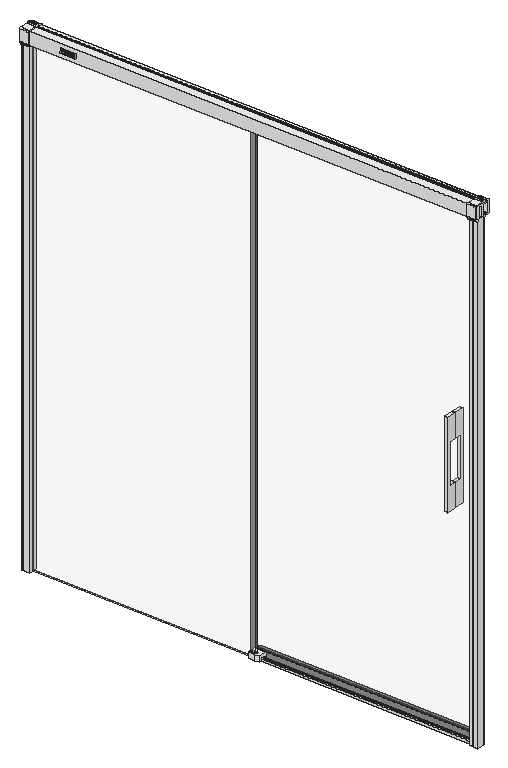
Revit family "Sanitary_Shower-screens_Duscholux_DuschoGredel_DuschoAnker_Slider-door-bath", category Plumbing Fixtures, Revit 2017
Family settings
  Round Connector Dimension = Use Diameter
  Part Type = Normal
  OmniClass Number = 23.45.00.00
  OmniClass Title = Sanitary, Laundry, and Cleaning Equipment
  Work Plane-Based = No
  Always vertical = Yes
  Cut with Voids When Loaded = No
  Shared = No
  Room Calculation Point = No
Parameters (values of type "White Aluminium Finish")
  Uniclass 2015 Description = "Shower Enclosures"
  Uniclass 2015 Code = "PR-40-20-06-79"
  URL = "http://www.duscholux.es/"
  UNSPSC Code = "30181507"
  Thickness Safety Glass Sliding = 5 mm  # constant formula
  Text logo visibility = yes
  Technical Inspection Certificate (Applus) = "http://www.duscholux.es/resources/custom/var/APPLUS_en.pdf"
  Series = "Duscho Gredel"
  Region South America = "Consult"
  Region Oceania = "Consult"
  Region North America = "Consult"
  Region Middle East = "Consult"
  Region Europe = "AD, ES, FR, PT"
  Region Asia = "Consult"
  Region Antartica = "Consult"
  Region Africa = "Consult"
  Ref. = "6PI / 6PD"
  Products = "http://www.duscholux.es/mamparas_filtro.aspx?es"
  Product group = "front for bath"
  Product family = "Duscho Gredel"
  Optional = "Towel rail / Shelf"
  Opening System Image = "http://blob.duscholux.es/pluma512/FBIzq1f1pcorredera.gif"
  Opening System = "Sliding"
  Opening Percentage = 0
  Net Weight (Kg) = 42.3
  NBS Reference Description = "Shower Enclosures"
  NBS Reference Code = "45-35-70"
  Model = "DuschoAnker"
  Manufacturer name = "Duscholux Ibérica, S.A."
  Manufacturer country = "Spain"
  Maintenance and Cleaning = "http://www.duscholux.es/mamparas_limpieza.aspx?en"
  Logo visibility = yes
  Image = "http://www.duscholux.es/resources/custom/img/mamparas/DUSCHO%20GREDEL/modelos/1F1PFBC/mampara_h.jpg"
  IFC Classification = "Furnishing Element"
  Handle Material = White Finish Acc
  Glass in Building UNE EN 12150 = "CE Conformity marking"
  Glass Material = Glass_Material-Duscholux
  Frame Material = White Aluminium Finish
  Fact Sheet = "http://blob.duscholux.es/enpdf2018/Anker1F1PFB.pdf"
  Manufacturer = "Duscholux Ibérica, S.A."
  Thickness Safety Glass Fixed Panel = 8 mm  # constant formula
  Environmental Management ISO 14001 = "ECOEMBES Certificate"
  Edition number = "1"
  Design country = "Spain / Germany"
  Description = "Front 1 fixed + 1 sliding door for bath"
  Date of publishing = ""
  Assembly Code = "C1030200"
  Configuration enclosure = "http://configuratumampara.duscholux.es/eCatalogo.aspx"
  Components = "Eropean components"
  Combinations = "Lateral 90°"
  Certified Quality UNE EN 14428 = "http://www.duscholux.es/duscholux_downloads.aspx?es"
  COBIe Type Category = ""
  Opening Door = ((Min Max Width / 2) - 155 mm) * Opening Percentage / 100  # 0 mm
  Sliding Door Width = (Min Max Width / 2) - 45 mm + 14 mm  # 719 mm
  Min Max Width = if(Width < 1160 mm, 1160 mm, if(Width > 2000 mm, 2000 mm, Width))  # 1500 mm
  Width = 1500 mm
  Handle Height = (Max Height / 2) + Bath Height  # 1200 mm
  Max Height = if(Height > 1600 mm, 1600 mm, Height)  # 1600 mm
  Height = 1600 mm
  Brand = "Duschoux"
  Bath Height = 400 mm
  Accesories Material = White Finish Acc
Types (5, lengths in mm): name | Product group | Handle Material | Frame Material | Components | Handle Height | Brand | Bath Height | Accesories Material
  (no name) | "front for bath" | White Finish Acc | White Aluminium Finish | "Eropean components" | 1200 | "Duschoux" | 400 | White Finish Acc
  White Aluminium Finish | "front for bath" | White Finish Acc | White Aluminium Finish | "Eropean components" | 1200 | "Duschoux" | 400 | White Finish Acc
  Silver Matt Aluminium Finish | "Front for bath" | Zamak | Silver Matt Aluminium Finish | "Eropean components" | 1200 | "Duscholux" | 400 | Chrome Finish
  Platinum Aluminium Finish | "front for bath" | Zamak | Platinum Aluminium Finish | "European components" | 1250 | "Duscholux" | 450 | Silver Matt Finish
  Black Aluminium Finish | "Fornt for bath" | Zamak | Black Aluminium Finish | "European components" | 1200 | "Duscholux" | 400 | Chrome Finish
Reference planes
  plane 1 "Centro (Frontal/Posterior)": y = 0
  plane 2: z = 0
  plane 3 "Centro (Izquierda/Derecha)": x = 0
  plane 4: x = 755.5
  plane 5: y = 23.489
  plane 6: y = 4
  plane 7: y = -4
  plane 8: x = 1446.25
  plane 9: z = 2000
  plane 10: z = 1959.85
  plane 11: z = 1957.85
  plane 12: x = 1491.5
  plane 13: x = -8.5
  plane 14: x = 18
  plane 15: z = 1200
  plane 16: x = 1460
  plane 17: x = 741.5
  plane 18: x = 727.25
  plane 19: z = 400
  plane 20: z = 401.9
  plane 21: z = 403.21
Forms (mm)
  Extrusion 1, solid, material "Glass_Material-Duscholux" <- "Glass Material"
    sketch origin (500, 0, 0) x (1, 0, 0) y (0, 1, 0)
      loop
        line (-500, 4) -> (-500, -4) -> (255.5, -4) -> (255.5, 4) -> (-500, 4)
    from 401.9 to 1985
  Extrusion 2, solid, material "Glass_Material-Duscholux" <- "Glass Material"
    sketch origin (-290, 0, 0) x (1, 0, 0) y (0, 1, 0)
      loop
        line (1017.25, 25.989) -> (1017.25, 20.989) -> (1736.25, 20.989) -> (1736.25, 25.989) -> (1017.25, 25.989)
    from 403.21 to 1985
  Extrusion 3, solid, material "White Finish Acc" <- "Accesories Material"
    sketch origin (15, 0, 0) x (1, 0, 0) y (0, 1, 0)
      loop
        line (755.5, 30.989) -> (720.5, 30.989) -> (720.5, -8.011) -> (742.5, -8.011) -> (755.5, -4.011) -> (755.5, 30.989)
    from 400 to 418
  Extrusion 4, void
    sketch origin (15, 0, 0) x (1, 0, 0) y (0, 1, 0)
      loop
        line (720.5, 27.32) -> (720.5, 19.755) -> (755.5, 19.755) -> (755.5, 27.32) -> (720.5, 27.32)
    from 401.9 to 418
  Extrusion 5, void
    sketch origin (15, -100, -0.016) x (1, 0, 0) y (0, 1, 0)
      loop
        line (740.5, 104) -> (720.5, 104) -> (720.5, 96) -> (740.5, 96) -> (740.5, 104)
    from 401.916 to 418.016
  Extrusion 6, solid, material "White Aluminium Finish" <- "Frame Material"
    sketch origin (0, 0, 0) x (1, 0, 0) y (0, 1, 0)
      loop
        line (18, 14.7) -> (-8.5, 14.7) -> (-8.5, -10.5) -> (18, -10.5) -> (18, -4.3) -> (7.35, -4.3) -> (7.35, -9) -> (-7, -9) -> (-7, 0) -> (-7, 13.2) -> (7.35, 13.2) -> (7.35, 4.3) -> (18, 4.3) -> (18, 14.7)
    from 400 to 1959.85
  Extrusion 7, solid, material "White Aluminium Finish" <- "Frame Material"
    sketch origin (1452.5, 0, 0) x (-1, 0, 0) y (0, -1, 0)
      loop
        line (-12.5, -14.7) -> (-12.5, -4.3) -> (-23.15, -4.3) -> (-23.15, -13.2) -> (-37.5, -13.2) -> (-37.5, 0) -> (-37.5, 9) -> (-23.15, 9) -> (-23.15, 4.3) -> (-12.5, 4.3) -> (-12.5, 10.5) -> (-39, 10.5) -> (-39, -14.7) -> (-12.5, -14.7)
    from 400 to 1959.85
  Extrusion 8, solid, material "White Aluminium Finish" <- "Frame Material"
    sketch origin (74.5, 0, 0) x (1, 0, 0) y (0, 1, 0)
      loop
        line (1379, 28.237) -> (1379, 18.737) -> (1385.5, 18.737) -> (1385.5, -3.9) -> (1413.15, -3.9) -> (1413.15, 0) -> (1413.15, 3.9) -> (1387, 3.9) -> (1387, 14.9) -> (1417, 14.9) -> (1417, 16.4) -> (1387, 16.4) -> (1387, 28.237) -> (1379, 28.237)
    from 400 to 1959.85
  Extrusion 9, solid, material "White Aluminium Finish" <- "Frame Material"
    sketch origin (0, 0, 0) x (0, 1, 0) y (0, 0, 1)
      loop
        line (-16, 2000) -> (-16, 1959.85) -> (-6.5, 1959.85) -> (-6.5, 1994) -> (0, 1994) -> (6.5, 1994) -> (6.5, 1959.85) -> (18.5, 1959.85) -> (18.5, 1963.85) -> (9.5, 1963.85) -> (9.5, 1995.261) -> (23.519, 1995.261) -> (23.519, 1998.011) -> (31.069, 1998.011) -> (31.069, 1961.861) -> (29.669, 1961.861) -> (29.669, 1959.861) -> (33.069, 1959.861) -> (33.069, 1997.011)
        arc (33.069, 1997.011) -> (32.191, 1999.132) -> (30.069, 2000.011) r 3
        line (30.069, 2000.011) -> (21.519, 2000.011) -> (21.519, 1997.261) -> (12.519, 1997.261) -> (12.519, 2000) -> (-16, 2000)
      loop
        line (-9.5, 1991.05) -> (-13, 1991.05) -> (-13, 1963.85) -> (-9.5, 1963.85) -> (-9.5, 1991.05)
    from -8.5 to 1491.5
  Extrusion 10, solid, material "White Finish Acc" <- "Accesories Material"
    sketch origin (0, 0, 0) x (0, 1, 0) y (0, 0, 1)
      loop
        arc (-15, 2002.011) -> (-17.121, 2001.132) -> (-18, 1999.011) r 3
        line (-18, 1999.011) -> (-18, 1961.188)
        arc (-18, 1961.188) -> (-16.882, 1958.721) -> (-14.289, 1957.935) r 3.281
        line (-14.289, 1957.935) -> (-14.288, 1953.858) -> (-10.5, 1953.858) -> (-10.5, 1959.85) -> (-16, 1959.85) -> (-16, 2000) -> (30.191, 2000)
        arc (30.191, 2000) -> (32.266, 1999.117) -> (33.069, 1997.011) r 2.881
        line (33.069, 1997.011) -> (33.069, 1959.861) -> (14.7, 1959.861) -> (14.7, 1953.858) -> (18.5, 1953.858) -> (18.5, 1957.85) -> (32.069, 1957.85)
        arc (32.069, 1957.85) -> (34.191, 1958.729) -> (35.069, 1960.85) r 3
        line (35.069, 1960.85) -> (35.069, 1997.011)
        arc (35.069, 1997.011) -> (33.605, 2000.546) -> (30.069, 2002.011) r 5
        line (30.069, 2002.011) -> (21.49, 2002.011)
        arc (21.49, 2002.011) -> (20.786, 2004.401) -> (18.52, 2005.435) r 3
        line (18.52, 2005.435) -> (12.519, 2005.435) -> (12.519, 2002.011) -> (-15, 2002.011)
    from -8.5 to 19.5
  Extrusion 11, solid, material "White Finish Acc" <- "Accesories Material"
    sketch origin (0, 0, 0) x (0, 1, 0) y (0, 0, 1)
      loop
        arc (-15, 2002.011) -> (-17.121, 2001.132) -> (-18, 1999.011) r 3
        line (-18, 1999.011) -> (-18, 1961.188)
        arc (-18, 1961.188) -> (-16.882, 1958.721) -> (-14.289, 1957.935) r 3.281
        line (-14.289, 1957.935) -> (-14.289, 1953.858) -> (-10.5, 1953.858) -> (-10.5, 1959.85) -> (-16, 1959.85) -> (-16, 2000) -> (30.191, 2000)
        arc (30.191, 2000) -> (32.266, 1999.117) -> (33.069, 1997.011) r 2.881
        line (33.069, 1997.011) -> (33.069, 1959.861) -> (16.4, 1959.861) -> (16.4, 1953.858) -> (19.787, 1953.858) -> (19.787, 1957.85) -> (32.069, 1957.85)
        arc (32.069, 1957.85) -> (34.191, 1958.729) -> (35.069, 1960.85) r 3
        line (35.069, 1960.85) -> (35.069, 1997.011)
        arc (35.069, 1997.011) -> (33.605, 2000.546) -> (30.069, 2002.011) r 5
        line (30.069, 2002.011) -> (21.49, 2002.011)
        arc (21.49, 2002.011) -> (20.786, 2004.401) -> (18.52, 2005.435) r 3
        line (18.52, 2005.435) -> (12.519, 2005.435) -> (12.519, 2002.011) -> (-15, 2002.011)
    from 1463.5 to 1491.5
  Extrusion 12, solid, material "White Finish Acc" <- "Accesories Material"
    sketch origin (0, 0, 700) x (0, 1, 0) y (0, 0, 1)
      loop
        line (-2.433, -292.421) -> (-2.433, -300) -> (7.636, -300) -> (7.636, -292.426)
        arc (7.636, -292.426) -> (6.912, -290.68) -> (5.166, -289.957) r 2.47
        line (5.166, -289.957) -> (0.032, -289.957)
        arc (0.032, -289.957) -> (-1.711, -290.679) -> (-2.433, -292.421) r 2.465
    from 770.5 to 1460
  Extrusion 13, solid, material "Plástico, transparente", detail levels fine
    sketch origin (-254.055, 0, 0) x (1, 0, 0) y (0, 1, 0)
      loop
        line (986.305, 26.267) -> (986.305, 27.32) -> (980.005, 27.32) -> (980.005, 19.707) -> (985.305, 19.707) -> (985.305, 5.807) -> (986.305, 5.807) -> (986.305, 20.807) -> (981.305, 20.807) -> (981.305, 26.267) -> (986.305, 26.267)
    from 401.9 to 1985
  Extrusion 14, solid, material "White Aluminium Finish" <- "Frame Material"
    sketch origin (8.832, 0, 0) x (1, 0, 0) y (0, 1, 0)
      loop
        line (1442.718, 25.887) -> (1442.718, 26.947)
        arc (1442.718, 26.947) -> (1442.416, 27.742) -> (1441.661, 28.136) r 1.197
        arc (1441.661, 28.136) -> (1438.467, 28.316) -> (1435.458, 27.231) r 8
        arc (1435.458, 27.231) -> (1435.177, 26.566) -> (1435.718, 26.087) r 0.619
        line (1435.718, 26.087) -> (1437.418, 26.087) -> (1437.418, 20.89) -> (1435.718, 20.89)
        arc (1435.718, 20.89) -> (1435.177, 20.411) -> (1435.458, 19.746) r 0.619
        arc (1435.458, 19.746) -> (1438.467, 18.661) -> (1441.661, 18.841) r 8
        arc (1441.661, 18.841) -> (1442.416, 19.235) -> (1442.718, 20.03) r 1.197
        line (1442.718, 20.03) -> (1442.718, 21.09) -> (1444.65, 21.09) -> (1444.65, 25.887) -> (1442.718, 25.887)
      loop
        line (1438.418, 27.187) -> (1438.418, 19.787) -> (1441.918, 19.787) -> (1441.918, 27.187) -> (1438.418, 27.187)
    from 400 to 1985
  Extrusion 15, solid, material "White Aluminium Finish" <- "Frame Material", not visible
    sketch origin (0, 0, 0) x (1, 0, 0) y (0, 1, 0)
      loop
        line (1742.718, 25.887) -> (1742.718, 26.947)
        arc (1742.718, 26.947) -> (1742.416, 27.742) -> (1741.661, 28.136) r 1.197
        arc (1741.661, 28.136) -> (1738.467, 28.316) -> (1735.458, 27.231) r 8
        arc (1735.458, 27.231) -> (1735.177, 26.566) -> (1735.718, 26.087) r 0.619
        line (1735.718, 26.087) -> (1737.418, 26.087) -> (1737.418, 20.89) -> (1735.718, 20.89)
        arc (1735.718, 20.89) -> (1735.177, 20.411) -> (1735.458, 19.746) r 0.619
        arc (1735.458, 19.746) -> (1738.467, 18.661) -> (1741.661, 18.841) r 8
        arc (1741.661, 18.841) -> (1742.416, 19.235) -> (1742.718, 20.03) r 1.197
        line (1742.718, 20.03) -> (1742.718, 21.09) -> (1744.65, 21.09) -> (1744.65, 25.887) -> (1742.718, 25.887)
      loop
        line (1738.418, 27.187) -> (1738.418, 19.787) -> (1741.918, 19.787) -> (1741.918, 27.187) -> (1738.418, 27.187)
    from 0 to 1985
  Extrusion 16, solid, material "Plástico, transparente", detail levels fine
    sketch origin (0, -145.23, 703.383) x (0, 1, 0) y (0, 0, 1)
      loop
        line (194.949, -295.481) -> (171.958, -283.464)
        arc (171.958, -283.464) -> (171.38, -283.524) -> (171.21, -284.08) r 0.526
        line (171.21, -284.08) -> (171.449, -285) -> (171.449, -300.173) -> (165.989, -300.173) -> (165.989, -283.265) -> (164.936, -283.388) -> (164.936, -301.483) -> (172.501, -301.483) -> (172.501, -287.73)
        arc (172.501, -287.73) -> (172.794, -287.095) -> (173.466, -286.906) r 0.834
        line (173.466, -286.906) -> (193.449, -296.5) -> (193.449, -302.213)
        arc (193.449, -302.213) -> (194.154, -302.647) -> (194.949, -302.414) r 1.02
        line (194.949, -302.414) -> (194.949, -295.481)
    from 732.25 to 1446.25
  Extrusion 17, void, not visible
    sketch origin (0, -100, 509.259) x (0, 1, 0) y (0, 0, 1)
      loop
        line (130.989, 15.216) -> (130.989, 18) -> (127.32, 18) -> (127.32, 16.927) -> (130.989, 15.216)
    from 785.5 to 820.5
  Extrusion 18, void
    sketch origin (0, 0, 0) x (0, 1, 0) y (0, 0, 1)
      loop
        line (30.989, 418) -> (27.32, 418) -> (27.32, 416.89) -> (30.989, 415.129) -> (30.989, 418)
    from 735.5 to 770.5
Cuts and joins
  Extrusion 4 cuts Extrusion 2
  Extrusion 4, Extrusion 5, Extrusion 18 cuts Extrusion 3
  Extrusion 5 cuts Extrusion 1
Lines and regions (mm)
  reference lines
    curve 1: line (0, 14.7, 1953.858) -> (0, 18.5, 1953.858)
    curve 2: line (0, 14.7, 1953.858) -> (0, 18.5, 1953.858)
Dimensions and locks
  locked: Extrusion 3 to Extrusion 3 at 18
  equal spacing: plane 6, plane 1 "Centro (Frontal/Posterior)", plane 7
  "Thickness Safety Glass Fixed Panel": plane 6 to plane 7
  "Thickness Safety Glass Sliding": cut or joined group of Extrusion 2, Extrusion 4 to cut or joined group of Extrusion 2, Extrusion 4
  locked: plane 9 to cut or joined group of Extrusion 1, Extrusion 5 at 15  (x2)
  locked: plane 9 to plane 10 at 40.15
  locked: Extrusion 10 to Extrusion 10 at 28
  locked: Extrusion 11 to Extrusion 11 at 28
  plane 11 to plane 10 = 2 mm
  locked: plane 10 to plane 11 at 2
  locked: plane 8 to plane 12 at 45.25
  locked: plane 13 to plane 3 "Centro (Izquierda/Derecha)" at 8.5
  "Handle Height": plane 15 to level
  locked: Extrusion 6 to Extrusion 12 at 10.043
  locked: plane 16 to plane 12 at 31.5
  equal spacing: plane 13, plane 17, plane 12
  Extrusion 13 to plane 17 = 9.25 mm
  locked: Extrusion 13 to Extrusion 13 at 6.3
  locked: Extrusion 13 to Extrusion 13 at 1.3
  locked: plane 17 to plane 4 at 14
  locked: plane 17 to cut or joined group of Extrusion 3, Extrusion 4, Extrusion 5, Extrusion 18 at 29
  locked: cut or joined group of Extrusion 3, Extrusion 4, Extrusion 5, Extrusion 18 to plane 17 at 6
  locked: plane 18 to plane 17 at 14.25
  locked: Extrusion 13 to Extrusion 13 at 1
  "Bath Height": plane 19 to plane 2
  "Sliding Door Width": cut or joined group of Extrusion 2, Extrusion 4 to Extrusion 14
  "Opening Door": Extrusion 14 to plane 8
  locked: plane 20 to plane 19 at 1.9
  locked: plane 21 to plane 19 at 3.21
  locked: plane 13 to nested 3 at 156.5
  "Max Height": plane 9 to plane 19
  "Min Max Width": plane 13 to plane 12
  locked: nested 2 to Extrusion 14 at 60
  aligned and locked: level to plane 2
  aligned and locked: Extrusion 4 sketch curve to Extrusion 3
  aligned and locked: cut or joined group of Extrusion 3, Extrusion 4, Extrusion 5, Extrusion 18 to Extrusion 5 sketch curve
  aligned and locked: cut or joined group of Extrusion 3, Extrusion 4, Extrusion 5, Extrusion 18 to Extrusion 4
  aligned and locked: plane 6 to cut or joined group of Extrusion 1, Extrusion 5
  aligned and locked: plane 7 to cut or joined group of Extrusion 1, Extrusion 5
  aligned and locked: cut or joined group of Extrusion 3, Extrusion 4, Extrusion 5, Extrusion 18 to cut or joined group of Extrusion 1, Extrusion 5  (x2)
  aligned and locked: cut or joined group of Extrusion 1, Extrusion 5 to cut or joined group of Extrusion 3, Extrusion 4, Extrusion 5, Extrusion 18  (x2)
  aligned and locked: cut or joined group of Extrusion 2, Extrusion 4 to cut or joined group of Extrusion 1, Extrusion 5
  aligned and locked: Extrusion 9 sketch curve to plane 9
  aligned and locked: Extrusion 9 sketch curve to Extrusion 9 sketch curve
  aligned and locked: Extrusion 9 to Extrusion 6
  aligned and locked: Extrusion 7 to Extrusion 9
  aligned and locked: Extrusion 9 to plane 10
  aligned and locked: plane 10 to Extrusion 6
  aligned and locked: plane 10 to Extrusion 7
  aligned and locked: cut or joined group of Extrusion 3, Extrusion 4, Extrusion 5, Extrusion 18 to cut or joined group of Extrusion 2, Extrusion 4  (x2)
  aligned and locked: Extrusion 10 to Extrusion 9
  aligned and locked: Extrusion 7 to Extrusion 11
  aligned and locked: Extrusion 6 to plane 13
  aligned and locked: cut or joined group of Extrusion 1, Extrusion 5 to plane 3 "Centro (Izquierda/Derecha)"
  aligned and locked: plane 12 to Extrusion 7
  aligned and locked: plane 15 to nested 1
  aligned and locked: nested 2 to plane 15
  aligned and locked: Extrusion 12 to cut or joined group of Extrusion 3, Extrusion 4, Extrusion 5, Extrusion 18
  aligned and locked: plane 16 to Extrusion 12
  aligned and locked: plane 10 to Extrusion 8
  aligned and locked: cut or joined group of Extrusion 1, Extrusion 5 to Extrusion 13
  aligned and locked: Extrusion 13 to cut or joined group of Extrusion 2, Extrusion 4
  aligned and locked: plane 4 to cut or joined group of Extrusion 1, Extrusion 5
  aligned and locked: nested 2 to nested 1
  aligned and locked: Extrusion 13 to Extrusion 13
  aligned and locked: Extrusion 14 to cut or joined group of Extrusion 2, Extrusion 4  (x2)
  aligned and locked: Extrusion 6 to plane 19
  aligned and locked: Extrusion 7 to plane 19
  aligned and locked: Extrusion 8 to plane 19
  aligned and locked: Extrusion 14 to plane 19
  aligned and locked: cut or joined group of Extrusion 3, Extrusion 4, Extrusion 5, Extrusion 18 to Extrusion 5
  aligned and locked: Extrusion 16 to Extrusion 13
  aligned and locked: Extrusion 16 to Extrusion 14
  aligned and locked: plane 19 to Extrusion 6
  aligned and locked: plane 19 to Extrusion 7
  aligned and locked: cut or joined group of Extrusion 3, Extrusion 4, Extrusion 5, Extrusion 18 to plane 19
  aligned and locked: Extrusion 12 to plane 19
  aligned and locked: plane 20 to cut or joined group of Extrusion 1, Extrusion 5
  aligned and locked: cut or joined group of Extrusion 2, Extrusion 4 to plane 21
  aligned and locked: plane 20 to Extrusion 13
  aligned and locked: Extrusion 18 to cut or joined group of Extrusion 3, Extrusion 4, Extrusion 5, Extrusion 18  (x2)
  aligned and locked: cut or joined group of Extrusion 2, Extrusion 4 to Extrusion 18
  aligned and locked: cut or joined group of Extrusion 3, Extrusion 4, Extrusion 5, Extrusion 18 to Extrusion 18  (x2)
Automatic sketch dimensions
  Extrusion 1 sketch curve to plane 3 "Centro (Izquierda/Derecha)" = 0 mm
  Extrusion 1 sketch curve to plane 4 = 0 mm
  plane 7 to Extrusion 1 sketch curve = 0 mm
  Extrusion 1 sketch curve to plane 6 = 0 mm
  Extrusion 2 sketch curve to plane 8 = 0 mm
  plane 5 to Extrusion 2 sketch curve = 2.5 mm
  Extrusion 2 sketch curve to plane 5 = 2.5 mm
  plane 4 to Extrusion 3 sketch curve = 2 mm
  plane 7 to Extrusion 3 sketch curve = 0.011 mm
  Extrusion 3 sketch curve to Extrusion 3 sketch curve = 13 mm
  plane 7 to Extrusion 3 sketch curve = 4.011 mm
  Extrusion 3 sketch curve to plane 5 = 7.5 mm
  plane 5 to Extrusion 4 sketch curve = 3.734 mm
  plane 4 to Extrusion 4 sketch curve = 15 mm
  Extrusion 4 sketch curve to plane 5 = 3.831 mm
  Extrusion 5 sketch curve to plane 4 = 0 mm
  plane 7 to Extrusion 5 sketch curve = 0 mm
  Extrusion 5 sketch curve to plane 6 = 0 mm
  plane 11 to curve 2 = 3.992 mm
  plane 5 to curve 2 = 8.789 mm
  curve 1 to curve 2 = 3.8 mm
  Extrusion 6 sketch curve to plane 13 = 0 mm
  plane 1 "Centro (Frontal/Posterior)" to Extrusion 6 sketch curve = 0 mm
  Extrusion 6 sketch curve to plane 14 = 0 mm  (x2)
  plane 13 to Extrusion 6 sketch curve = 1.5 mm
  plane 3 "Centro (Izquierda/Derecha)" to Extrusion 6 sketch curve = 7.35 mm  (x2)
  plane 6 to Extrusion 6 sketch curve = 0.3 mm
  plane 7 to Extrusion 6 sketch curve = 0.3 mm
  plane 7 to Extrusion 6 sketch curve = 5 mm
  Extrusion 6 sketch curve to Extrusion 6 sketch curve = 1.5 mm
  plane 6 to Extrusion 6 sketch curve = 9.2 mm
  plane 5 to Extrusion 6 sketch curve = 8.789 mm
  Extrusion 7 sketch curve to plane 12 = 0 mm
  plane 1 "Centro (Frontal/Posterior)" to Extrusion 7 sketch curve = 0 mm
  plane 12 to Extrusion 7 sketch curve = 1.5 mm
  Extrusion 7 sketch curve to plane 7 = 5 mm
  Extrusion 7 sketch curve to Extrusion 7 sketch curve = 14.35 mm
  Extrusion 7 sketch curve to plane 6 = 0.3 mm
  Extrusion 7 sketch curve to Extrusion 7 sketch curve = 0 mm
  Extrusion 7 sketch curve to plane 16 = 5 mm  (x2)
  Extrusion 7 sketch curve to Extrusion 7 sketch curve = 1.5 mm
  Extrusion 7 sketch curve to plane 7 = 0.3 mm
  Extrusion 7 sketch curve to plane 6 = 9.2 mm
  Extrusion 7 sketch curve to plane 5 = 8.789 mm
  Extrusion 8 sketch curve to plane 16 = 0 mm
  plane 1 "Centro (Frontal/Posterior)" to Extrusion 8 sketch curve = 0 mm
  Extrusion 8 sketch curve to plane 12 = 0 mm
  Extrusion 8 sketch curve to plane 16 = 6.5 mm
  plane 16 to Extrusion 8 sketch curve = 1.5 mm  (x2)
  Extrusion 8 sketch curve to plane 6 = 0.1 mm
  Extrusion 8 sketch curve to plane 12 = 3.85 mm
  Extrusion 8 sketch curve to plane 7 = 0.1 mm
  plane 5 to Extrusion 8 sketch curve = 8.589 mm
  Extrusion 8 sketch curve to Extrusion 8 sketch curve = 1.5 mm
  plane 5 to Extrusion 8 sketch curve = 4.751 mm
  Extrusion 8 sketch curve to plane 5 = 4.749 mm
  Extrusion 9 sketch curve to plane 10 = 0 mm  (x2)
  Extrusion 9 sketch curve to plane 1 "Centro (Frontal/Posterior)" = 0 mm
  plane 7 to Extrusion 9 sketch curve = 2.5 mm
  Extrusion 9 sketch curve to Extrusion 9 sketch curve = 3 mm  (x3)
  Extrusion 9 sketch curve to Extrusion 9 sketch curve = 3.5 mm
  plane 6 to Extrusion 9 sketch curve = 2.5 mm
  Extrusion 9 sketch curve to Extrusion 9 sketch curve = 3.019 mm
  plane 5 to Extrusion 9 sketch curve = 4.989 mm
  plane 9 to Extrusion 9 sketch curve = 0.011 mm
  plane 5 to Extrusion 9 sketch curve = 1.969 mm
  Extrusion 9 sketch curve to plane 5 = 0.031 mm
  plane 10 to Extrusion 9 sketch curve = 0.011 mm
  Extrusion 9 sketch curve to plane 5 = 6.181 mm
  Extrusion 9 sketch curve to plane 5 = 6.581 mm
  Extrusion 9 sketch curve to Extrusion 9 sketch curve = 1 mm  (x2)
  Extrusion 9 sketch curve to Extrusion 9 sketch curve = 2 mm
  plane 10 to Extrusion 9 sketch curve = 2.011 mm
  plane 10 to Extrusion 9 sketch curve = 4 mm
  Extrusion 9 sketch curve to plane 9 = 8.95 mm
  Extrusion 9 sketch curve to Extrusion 9 sketch curve = 2.95 mm
  Extrusion 9 sketch curve to plane 9 = 4.739 mm
  Extrusion 9 sketch curve to plane 9 = 2.739 mm
  Extrusion 10 sketch curve to plane 10 = 0 mm
  Extrusion 10 sketch curve to plane 9 = 0 mm
  plane 11 to Extrusion 10 sketch curve = 0 mm
  plane 10 to Extrusion 10 sketch curve = 1.338 mm
  plane 7 to Extrusion 10 sketch curve = 14 mm
  Extrusion 10 sketch curve to Extrusion 10 sketch curve = 2 mm
  Extrusion 10 sketch curve to Extrusion 10 sketch curve = 1 mm  (x2)
  Extrusion 10 sketch curve to Extrusion 10 sketch curve = 1.281 mm
  Extrusion 10 sketch curve to plane 11 = 0.085 mm
  plane 11 to Extrusion 10 sketch curve = 3.992 mm  (x2)
  Extrusion 10 sketch curve to Extrusion 10 sketch curve = 0.001 mm
  Extrusion 10 sketch curve to Extrusion 10 sketch curve = 3.789 mm
  plane 9 to Extrusion 10 sketch curve = 2.011 mm  (x2)
  plane 6 to Extrusion 10 sketch curve = 8.519 mm
  plane 5 to Extrusion 10 sketch curve = 8.789 mm
  Extrusion 10 sketch curve to Extrusion 10 sketch curve = 3.8 mm
  plane 9 to Extrusion 10 sketch curve = 2.435 mm
  plane 5 to Extrusion 10 sketch curve = 4.969 mm
  plane 5 to Extrusion 10 sketch curve = 1.999 mm
  Extrusion 10 sketch curve to plane 5 = 6.581 mm
  Extrusion 10 sketch curve to Extrusion 10 sketch curve = 0.121 mm
  Extrusion 10 sketch curve to plane 5 = 8.581 mm
  plane 10 to Extrusion 10 sketch curve = 0.011 mm
  plane 10 to Extrusion 10 sketch curve = 1 mm
  Extrusion 10 sketch curve to Extrusion 10 sketch curve = 0 mm
  Extrusion 11 sketch curve to plane 10 = 0 mm
  Extrusion 11 sketch curve to plane 9 = 0 mm
  plane 11 to Extrusion 11 sketch curve = 0 mm
  plane 10 to Extrusion 11 sketch curve = 1.338 mm
  plane 7 to Extrusion 11 sketch curve = 14 mm
  Extrusion 11 sketch curve to Extrusion 11 sketch curve = 2 mm
  Extrusion 11 sketch curve to Extrusion 11 sketch curve = 1 mm  (x2)
  Extrusion 11 sketch curve to Extrusion 11 sketch curve = 1.281 mm
  Extrusion 11 sketch curve to Extrusion 11 sketch curve = 1.711 mm
  Extrusion 11 sketch curve to Extrusion 11 sketch curve = 3.789 mm
  plane 9 to Extrusion 11 sketch curve = 2.011 mm  (x2)
  plane 6 to Extrusion 11 sketch curve = 8.519 mm
  plane 5 to Extrusion 11 sketch curve = 7.089 mm
  plane 9 to Extrusion 11 sketch curve = 2.435 mm
  plane 5 to Extrusion 11 sketch curve = 4.969 mm
  plane 5 to Extrusion 11 sketch curve = 3.701 mm
  plane 5 to Extrusion 11 sketch curve = 1.999 mm
  Extrusion 11 sketch curve to plane 5 = 6.581 mm
  Extrusion 11 sketch curve to Extrusion 11 sketch curve = 0.121 mm
  Extrusion 11 sketch curve to plane 5 = 8.581 mm
  plane 10 to Extrusion 11 sketch curve = 0.011 mm
  plane 10 to Extrusion 11 sketch curve = 1 mm
  plane 11 to Extrusion 11 sketch curve = 3.992 mm  (x2)
  Extrusion 11 sketch curve to Extrusion 11 sketch curve = 0 mm
  level to Extrusion 12 sketch curve = 400 mm
  Extrusion 12 sketch curve to plane 7 = 1.567 mm
  Extrusion 12 sketch curve to plane 1 "Centro (Frontal/Posterior)" = 0.032 mm
  plane 6 to Extrusion 12 sketch curve = 1.166 mm
  plane 6 to Extrusion 12 sketch curve = 3.636 mm
  Extrusion 12 sketch curve to Extrusion 12 sketch curve = 7.574 mm
  Extrusion 13 sketch curve to plane 5 = 3.831 mm
  Extrusion 13 sketch curve to Extrusion 13 sketch curve = 1.3 mm
  Extrusion 13 sketch curve to Extrusion 13 sketch curve = 5.3 mm
  Extrusion 13 sketch curve to Extrusion 13 sketch curve = 1 mm
  Extrusion 13 sketch curve to Extrusion 13 sketch curve = 5 mm
  Extrusion 13 sketch curve to Extrusion 13 sketch curve = 1.053 mm
  plane 5 to Extrusion 13 sketch curve = 2.681 mm
  Extrusion 13 sketch curve to Extrusion 13 sketch curve = 1.1 mm
  plane 6 to Extrusion 13 sketch curve = 1.807 mm
  Extrusion 3 sketch curve to plane 17 = 6 mm
  Extrusion 2 sketch curve to plane 17 = 14.25 mm
  Extrusion 13 sketch curve to plane 17 = 15.55 mm
  Extrusion 14 sketch curve to Extrusion 14 sketch curve = 0.062 mm  (x2)
  Extrusion 14 sketch curve to Extrusion 14 sketch curve = 1.203 mm  (x2)
  Extrusion 14 sketch curve to Extrusion 14 sketch curve = 1.9 mm  (x2)
  Extrusion 14 sketch curve to Extrusion 14 sketch curve = 0.397 mm
  Extrusion 14 sketch curve to Extrusion 14 sketch curve = 0.8 mm  (x2)
  Extrusion 14 sketch curve to Extrusion 14 sketch curve = 1.932 mm
  Extrusion 14 sketch curve to Extrusion 14 sketch curve = 0.243 mm
  Extrusion 14 sketch curve to Extrusion 14 sketch curve = 0.487 mm
  Extrusion 14 sketch curve to Extrusion 14 sketch curve = 0.613 mm
  Extrusion 14 sketch curve to Extrusion 14 sketch curve = 1.103 mm
  Extrusion 14 sketch curve to Extrusion 14 sketch curve = 1.06 mm  (x2)
  Extrusion 14 sketch curve to Extrusion 14 sketch curve = 0.49 mm
  Extrusion 14 sketch curve to Extrusion 14 sketch curve = 0.616 mm
  Extrusion 14 sketch curve to Extrusion 14 sketch curve = 0.24 mm
  Extrusion 14 sketch curve to Extrusion 14 sketch curve = 0 mm  (x3)
  Extrusion 14 sketch curve to Extrusion 14 sketch curve = 0.69 mm
  Extrusion 14 sketch curve to Extrusion 14 sketch curve = 1.7 mm
  Extrusion 14 sketch curve to Extrusion 14 sketch curve = 1 mm
  Extrusion 14 sketch curve to Extrusion 14 sketch curve = 4.798 mm
  Extrusion 15 sketch curve to Extrusion 15 sketch curve = 0.062 mm  (x2)
  Extrusion 15 sketch curve to Extrusion 15 sketch curve = 1.203 mm  (x2)
  Extrusion 15 sketch curve to Extrusion 15 sketch curve = 1.9 mm  (x2)
  Extrusion 15 sketch curve to Extrusion 15 sketch curve = 0.397 mm
  Extrusion 15 sketch curve to Extrusion 15 sketch curve = 0.8 mm  (x2)
  Extrusion 15 sketch curve to Extrusion 15 sketch curve = 1.932 mm
  Extrusion 15 sketch curve to Extrusion 15 sketch curve = 0.243 mm
  Extrusion 15 sketch curve to Extrusion 15 sketch curve = 0.487 mm
  Extrusion 15 sketch curve to Extrusion 15 sketch curve = 0.613 mm
  Extrusion 15 sketch curve to Extrusion 15 sketch curve = 1.103 mm
  Extrusion 15 sketch curve to Extrusion 15 sketch curve = 1.06 mm  (x2)
  Extrusion 15 sketch curve to Extrusion 15 sketch curve = 0.49 mm
  Extrusion 15 sketch curve to Extrusion 15 sketch curve = 0.616 mm
  Extrusion 15 sketch curve to Extrusion 15 sketch curve = 0.24 mm
  Extrusion 15 sketch curve to Extrusion 15 sketch curve = 0 mm  (x3)
  Extrusion 15 sketch curve to Extrusion 15 sketch curve = 0.69 mm
  Extrusion 15 sketch curve to Extrusion 15 sketch curve = 1.7 mm
  Extrusion 15 sketch curve to Extrusion 15 sketch curve = 1 mm
  Extrusion 15 sketch curve to Extrusion 15 sketch curve = 4.798 mm
  Extrusion 14 sketch curve to plane 8 = 0 mm
  plane 5 to Extrusion 14 sketch curve = 3.701 mm
  plane 5 to Extrusion 16 sketch curve = 3.783 mm
  Extrusion 16 sketch curve to Extrusion 16 sketch curve = 1.053 mm  (x2)
  Extrusion 16 sketch curve to plane 5 = 2.491 mm
  Extrusion 16 sketch curve to plane 5 = 2.73 mm
  Extrusion 16 sketch curve to Extrusion 16 sketch curve = 0.504 mm
  Extrusion 16 sketch curve to Extrusion 16 sketch curve = 0.244 mm
  Extrusion 16 sketch curve to Extrusion 16 sketch curve = 0.834 mm
  Extrusion 16 sketch curve to Extrusion 16 sketch curve = 0.131 mm
  Extrusion 16 sketch curve to Extrusion 16 sketch curve = 20.947 mm
  Extrusion 16 sketch curve to Extrusion 16 sketch curve = 0.841 mm
  Extrusion 16 sketch curve to Extrusion 16 sketch curve = 1.5 mm
  plane 19 to Extrusion 16 sketch curve = 0.969 mm
  Extrusion 16 sketch curve to Extrusion 16 sketch curve = 0.201 mm
  Extrusion 16 sketch curve to Extrusion 16 sketch curve = 0.73 mm
  Extrusion 16 sketch curve to Extrusion 16 sketch curve = 1.31 mm
  Extrusion 16 sketch curve to Extrusion 16 sketch curve = 5.136 mm
  Extrusion 16 sketch curve to Extrusion 16 sketch curve = 1.019 mm
  Extrusion 16 sketch curve to Extrusion 16 sketch curve = 12.444 mm
  Extrusion 16 sketch curve to Extrusion 16 sketch curve = 1.906 mm
  Extrusion 16 sketch curve to Extrusion 16 sketch curve = 0.92 mm
  Extrusion 16 sketch curve to Extrusion 16 sketch curve = 0.15 mm
  Extrusion 16 sketch curve to Extrusion 16 sketch curve = 0.692 mm
  Extrusion 16 sketch curve to Extrusion 16 sketch curve = 0.123 mm
  Extrusion 17 sketch curve to Extrusion 17 sketch curve = 3.669 mm
  Extrusion 17 sketch curve to Extrusion 17 sketch curve = 1.711 mm
  Extrusion 17 sketch curve to Extrusion 17 sketch curve = 2.784 mm
  Extrusion 18 sketch curve to plane 5 = 3.831 mm
  Extrusion 18 sketch curve to Extrusion 18 sketch curve = 3.669 mm
  plane 21 to Extrusion 18 sketch curve = 14.79 mm
  Extrusion 18 sketch curve to Extrusion 18 sketch curve = 1.11 mm
  Extrusion 18 sketch curve to Extrusion 18 sketch curve = 2.871 mm
Nested families
  nested 1: "Handle-Gredel" at (1386.25, 20.989, 1200) x (-1, 0, 0) z (0, -1, 0), type "Handle-Gredel", detail levels medium+fine
  nested 2: "Handle-Gredel" at (1386.25, 25.989, 1200) x (-1, 0, 0) z (0, 1, 0), type "Handle-Gredel", detail levels medium+fine
  nested 3: "LOGO" at (148, -16, 1981.05) x (1, 0, 0) z (0, -1, 0), type "LOGO"
Definition of nested family "Handle-Gredel"
  Parameters (values of type "Tirador349")
    Material Tiradores = none
    Long. tirador = 280 mm
    Espesor = 10 mm
    Default Elevation = 1219.2 mm
  Reference planes
    plane 1 "Centro (Frontal/Posterior)": y = 0
    plane 2: z = 0
    plane 3 "Centro (Izquierda/Derecha)": x = 0
    plane 4: y = 140
    plane 5: y = -140
    plane 6: x = -5
    plane 7: x = 5
  Forms (mm)
    Extrusion 1, solid
      sketch origin (0, 0, 0) x (1, 0, 0) y (0, 1, 0)
        loop
          line (-1219.2, 1219.2) -> (-1219.2, -1219.2) -> (1219.2, -1219.2) -> (1219.2, 1219.2) -> (-1219.2, 1219.2)
      from 0 to -304.8
    Extrusion 2, solid, material <- "Material Tiradores"
      sketch origin (0, 0, -20) x (0, 1, 0) y (0, 0, 1)
        loop
          line (-65, 41) -> (65, 41) -> (65, 20) -> (140, 20) -> (140, 50) -> (-140, 50) -> (-140, 20) -> (-65, 20) -> (-65, 41)
      from -5 to 5
  Dimensions and locks
    equal spacing: plane 4, plane 1 "Centro (Frontal/Posterior)", plane 5
    equal spacing: plane 6, plane 3 "Centro (Izquierda/Derecha)", plane 7
    "Espesor": plane 6 to plane 7
    "Long. tirador": plane 4 to plane 5
    aligned and locked: plane 2 to Extrusion 1
    aligned and locked: level to Extrusion 1
    aligned and locked: plane 7 to Extrusion 2
    aligned and locked: Extrusion 2 to plane 6
  Automatic sketch dimensions
    Extrusion 1 sketch curve to Extrusion 1 sketch curve = 2438.4 mm  (x2)
    plane 1 "Centro (Frontal/Posterior)" to Extrusion 2 sketch curve = 65 mm
    Extrusion 2 sketch curve to Extrusion 2 sketch curve = 21 mm
    Extrusion 2 sketch curve to plane 5 = 0 mm
    Extrusion 2 sketch curve to level = 0 mm  (x2)
    Extrusion 2 sketch curve to plane 4 = 0 mm
    Extrusion 2 sketch curve to plane 1 "Centro (Frontal/Posterior)" = 65 mm
    Extrusion 2 sketch curve to Extrusion 2 sketch curve = 30 mm
Definition of nested family "LOGO"
  Parameters (values of type "LOGO")
    logo visibility = yes
    Text visibility = yes
    Default Elevation = 1219.2 mm
  Reference planes
    plane 1 "Center (Front/Back)": y = 0
    plane 2: z = 0
    plane 3 "Center (Left/Right)": x = 0
  Forms (mm)
    Extrusion 1, solid
      sketch origin (0, 0, 0) x (1, 0, 0) y (0, 1, 0)
        loop
          line (-1219.2, 1219.2) -> (-1219.2, -1219.2) -> (1219.2, -1219.2) -> (1219.2, 1219.2) -> (-1219.2, 1219.2)
      from 0 to -304.8
    Blend 2, solid, visible <- "logo visibility"
      base sketch origin (-30.49, -3.692, 0) x (1, 0, 0) y (0, 1, 0)
        loop
          line (6.49, 11.264) -> (3.006, -3.88) -> (54.49, -3.88) -> (54.49, 11.264) -> (6.49, 11.264)
      top sketch origin (-30.49, -3.692, 0) x (1, 0, 0) y (0, 1, 0)
        loop
          line (7.286, 10.264) -> (4.263, -2.88) -> (53.49, -2.88) -> (53.49, 10.264) -> (7.286, 10.264)
      from 0 to 2
    Extrusion 3, solid, visible <- "Text visibility"
      sketch origin (-30.49, -3.692, 0) x (1, 0, 0) y (0, 1, 0)
        loop
          line (15.152, 7.116) -> (10.723, 7.116) -> (10.476, 6.041) -> (14.179, 6.041) -> (12.696, -0.409) -> (11.829, -0.409) -> (13.101, 5.12) -> (11.604, 5.12) -> (10.085, -1.484) -> (13.23, -1.484) -> (14.106, -0.786) -> (15.75, 6.364) -> (15.152, 7.116)
        loop
          line (16.173, 5.12) -> (14.828, -0.732) -> (15.426, -1.484) -> (17.802, -1.484) -> (18.675, -0.788) -> (20.034, 5.12) -> (18.537, 5.12) -> (17.33, -0.127) -> (16.464, -0.127) -> (17.67, 5.12) -> (16.173, 5.12)
        loop
          line (19.998, 1.879) -> (20.596, 1.127) -> (22.11, 1.127) -> (21.756, -0.409) -> (19.472, -0.409) -> (19.224, -1.484) -> (22.354, -1.484) -> (23.152, -0.849) -> (23.716, 1.603) -> (23.118, 2.355) -> (21.604, 2.355) -> (21.993, 4.045) -> (24.278, 4.045) -> (24.525, 5.12) -> (21.395, 5.12) -> (20.597, 4.484) -> (19.998, 1.879)
        loop
          line (25.886, 5.12) -> (25.088, 4.484) -> (23.888, -0.732) -> (24.487, -1.484) -> (26.958, -1.484) -> (27.714, -0.881) -> (28.07, 0.666) -> (26.573, 0.666) -> (26.367, -0.23) -> (25.501, -0.23) -> (26.443, 3.866) -> (27.309, 3.866) -> (27.103, 2.97) -> (28.6, 2.97) -> (28.922, 4.368) -> (28.323, 5.12) -> (25.886, 5.12)
        loop
          line (29.804, 5.12) -> (28.285, -1.484) -> (29.782, -1.484) -> (30.382, 1.127) -> (31.249, 1.127) -> (30.649, -1.484) -> (32.146, -1.484) -> (33.664, 5.12) -> (32.167, 5.12) -> (31.496, 2.202) -> (30.63, 2.202) -> (31.301, 5.12) -> (29.804, 5.12)
        loop
          arc (35.087, 5.12) -> (34.592, 5.023) -> (34.261, 4.643) r 0.775
          line (34.261, 4.643) -> (33.025, -0.732)
          arc (33.025, -0.732) -> (33.245, -1.264) -> (33.777, -1.484) r 0.752
          line (33.777, -1.484) -> (35.898, -1.484)
          arc (35.898, -1.484) -> (36.432, -1.374) -> (36.742, -0.927) r 0.733
          line (36.742, -0.927) -> (37.96, 4.368)
          arc (37.96, 4.368) -> (37.842, 4.888) -> (37.362, 5.12) r 0.614
          line (37.362, 5.12) -> (35.087, 5.12)
        loop
          line (35.521, -0.23) -> (36.463, 3.866) -> (35.464, 3.866) -> (34.522, -0.23) -> (35.521, -0.23)
        loop
          line (39.299, 7.116) -> (37.321, -1.484) -> (50.066, -1.484) -> (49.529, -0.409) -> (38.95, -0.409) -> (40.681, 7.116) -> (39.299, 7.116)
        loop
          line (47.907, 2.834) -> (50.065, 5.12) -> (48.606, 5.12) -> (47.402, 3.844) -> (46.764, 5.12) -> (45.305, 5.12) -> (46.448, 2.834) -> (44.039, 0.282) -> (45.497, 0.282) -> (46.953, 1.824) -> (47.724, 0.282) -> (49.183, 0.282) -> (47.907, 2.834)
        loop
          line (43.232, 5.12) -> (42.354, 1.305) -> (41.51, 1.305) -> (42.387, 5.12) -> (40.928, 5.12) -> (39.988, 1.034) -> (40.587, 0.282) -> (42.855, 0.282) -> (43.74, 0.987) -> (44.69, 5.12) -> (43.232, 5.12)
        loop
          circle (48.393, 7.593) r 1.398
        loop
          circle (48.393, 7.593) r 1.101
      from 1.293 to 2.2
  Dimensions and locks
    aligned and locked: plane 2 to Extrusion 1
    aligned and locked: level to Extrusion 1
